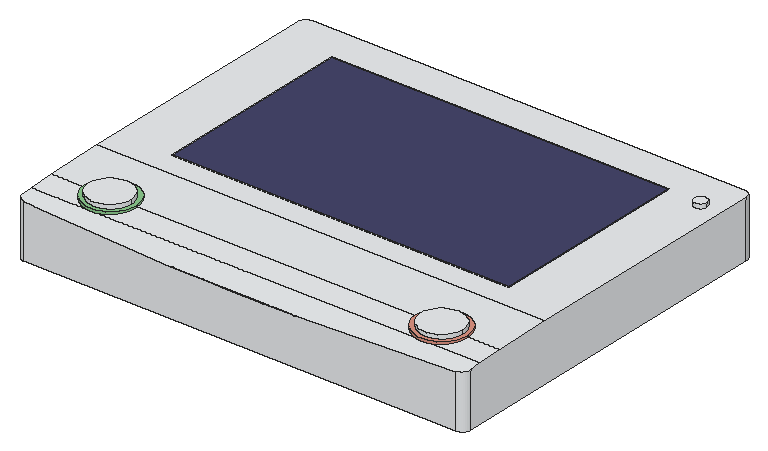
Revit family "AIPhone_GT-1C7", category Data Devices, host Face, Revit 2026
Family settings
  Host = Face
  Round Connector Dimension = Use Diameter
  Part Type = Normal
  Classification Number = 23.85.50.17
  Cut with Voids When Loaded = No
  Maintain Annotation Orientation = Yes
  Shared = No
  Room Calculation Point = No
Parameters
  Width = 7.88"
  Talk Button = Talk Button
  Specification = "https://www.arcat.com/sdspecs/htm04/28_13_53aic.htm"
  SpecWizard = ""
  Send Message = ""
  Screen = Screen
  Sales Information = ""
  Revision = "R1.0.0"
  Product Properties = ""
  Product Data = ""
  OmniClass Title = ""
  OmniClass Number = ""
  Model = "GT-1C7"
  MasterFormat04 Keynote = ""
  Manufacturer's Notes = ""
  Manufacturer Website = "www.aiphone.com"
  Manufacturer Phone - Toll Free = "800-692-0200"
  Manufacturer Phone = "425-455-0510"
  Manufacturer Fax = "425-455-0071"
  Manufacturer Email = "https://www.aiphone.com/home/sales/regional-sales"
  Manufacturer Address = "6670 185th Ave. NE, Redmond, WA 98052"
  Manufacturer = "AIPHONE"
  Installation-Fabrication = "https://www.arcat.com/cad/aiphone/282300_gt-1c7-1.pdf"
  Height = 6.50"
  Green Building-LEED = "https://www.arcat.com/green/clients/leed_data_30204.html?coid=30204"
  Drawn By = "Matt Wunch"
  Door Release Button = Door Release
  Description = "RESIDENTIAL / TENANT STATION"
  Depth = 1.00"
  Default Elevation = 48.00"
  Copyright = "Arcat, Inc. ©2019"
  Construction Details = ""
  Building Codes = ""
  Body = Plastic
Reference planes (in)
  plane 1 "Center (Front/Back)": y = 0
  plane 2: z = 0
  plane 3 "Center (Left/Right)": x = 0
  plane 4: x = -3.94
  plane 5: x = 3.94
  plane 6: y = -3.25
  plane 7: y = 3.25
  plane 8: z = 1
  plane 9: z = 1.0625
Forms (in)
  Extrusion 1, solid, material "Plastic" <- "Body"
    sketch origin (0, 0, 0) x (1, 0, 0) y (0, 1, 0)
      loop
        line (3.79, 3.25) -> (-3.79, 3.25)
        arc (-3.79, 3.25) -> (-3.89607, 3.20607) -> (-3.94, 3.1) r 0.15
        line (-3.94, 3.1) -> (-3.94, -2.94434)
        arc (-3.94, -2.94434) -> (-3.90025, -3.04606) -> (-3.80206, -3.09386) r 0.15
        arc (-3.80206, -3.09386) -> (0.00002, -3.24687) -> (3.80208, -3.09345) r 47.25
        arc (3.80208, -3.09345) -> (3.90025, -3.04565) -> (3.94, -2.94394) r 0.15
        line (3.94, -2.94394) -> (3.94, 3.1)
        arc (3.94, 3.1) -> (3.89607, 3.20607) -> (3.79, 3.25) r 0.15
    from 0 to 1 <- "Depth"
  Extrusion 2, void
    sketch origin (0, 0, 0) x (0, 1, 0) y (0, 0, 1)
      loop
        line (-1.31951, 1) -> (-1.31951, 1.25) -> (-3.7226, 1.25) -> (-3.7226, 0.48812) -> (-3.30624, 0.48812) -> (-3.28066, 0.87626)
        arc (-3.28066, 0.87626) -> (-3.26617, 0.90828) -> (-3.23419, 0.92285) r 0.05
        line (-3.23419, 0.92285) -> (-2.73829, 0.95685) -> (-2.29921, 0.97968) -> (-1.31951, 1)
    from -6 to 6
  Extrusion 3, solid, material "Plastic" <- "Body"
    sketch origin (0, 0, 0) x (1, 0, 0) y (0, 1, 0)
      loop
        circle (3.57275, 2.56094) r 0.10846
      loop
        circle (2.91125, -2.30188) r 0.36936
      loop
        circle (-2.91625, -2.30188) r 0.37053
    from 0.93109 to 1.0625
  Extrusion 4, void
    sketch origin (0, 0, 0) x (1, 0, 0) y (0, 1, 0)
      loop
        line (-2.9635, 2.62787) -> (-2.9635, -0.89225) -> (2.9585, -0.89225) -> (2.9585, 2.62787) -> (-2.9635, 2.62787)
    from 0.88 to 1
  Extrusion 5, solid, material "Screen" <- "Screen"
    sketch origin (0, 0, 0) x (1, 0, 0) y (0, 1, 0)
      loop
        line (-2.9635, 2.62787) -> (-2.9635, -0.89225) -> (2.9585, -0.89225) -> (2.9585, 2.62787) -> (-2.9635, 2.62787)
    from 0.88 to 1
  Extrusion 6, solid, material "Door Release" <- "Door Release Button"
    sketch origin (0, 0, 0) x (1, 0, 0) y (0, 1, 0)
      loop
        circle (-2.91208, -2.29838) r 0.45437
    from 0.88 to 1
  Extrusion 7, solid, material "Talk Button" <- "Talk Button"
    sketch origin (0, 0, 0) x (1, 0, 0) y (0, 1, 0)
      loop
        circle (2.91125, -2.30188) r 0.45559
    from 0.88 to 1
Cuts and joins
  Extrusion 2, Extrusion 4 cuts Extrusion 1
  Extrusion 4 cuts Extrusion 3
  joined: Extrusion 1, Extrusion 3
Dimensions and locks (in)
  equal spacing: plane 4, plane 3 "Center (Left/Right)", plane 5
  equal spacing: plane 7, plane 1 "Center (Front/Back)", plane 6
  "Height": plane 7 to plane 6
  "Width": plane 4 to plane 5
  "Depth": plane 8 to host face
  aligned and locked: plane 2 to host face
  aligned and locked: level to host face
Automatic sketch dimensions
  host sketch curve to host sketch curve = 5.922"
  host sketch curve to host sketch curve = 3.94738"
  Extrusion 1 sketch curve to plane 4 = 0.00"
  Extrusion 1 sketch curve to plane 7 = 0.00"
  Extrusion 1 sketch curve to plane 5 = 0.00"
  plane 4 to Extrusion 1 sketch curve = 0.15"
  Extrusion 1 sketch curve to Extrusion 1 sketch curve = 0.15"  (x2)
  Extrusion 1 sketch curve to plane 3 "Center (Left/Right)" = 0.0025"
  Extrusion 1 sketch curve to plane 5 = 0.15"
  plane 6 to Extrusion 1 sketch curve = 0.30566"
  Extrusion 1 sketch curve to Extrusion 1 sketch curve = 0.00"  (x2)
  Extrusion 1 sketch curve to plane 5 = 0.13792"
  Extrusion 2 sketch curve to plane 6 = 0.05624"
  Extrusion 2 sketch curve to plane 8 = 0.00"
  Extrusion 2 sketch curve to plane 6 = 0.4726"
  plane 6 to Extrusion 2 sketch curve = 0.01923"
  Extrusion 2 sketch curve to plane 8 = 0.04315"
  Extrusion 2 sketch curve to Extrusion 2 sketch curve = 0.49248"
  Extrusion 2 sketch curve to plane 8 = 0.02032"
  Extrusion 2 sketch curve to Extrusion 2 sketch curve = 0.43908"
  plane 8 to Extrusion 2 sketch curve = 0.25"
  Extrusion 2 sketch curve to Extrusion 2 sketch curve = 0.9797"
  Extrusion 2 sketch curve to plane 8 = 0.12703"
  Extrusion 2 sketch curve to Extrusion 2 sketch curve = 0.38484"
  Extrusion 2 sketch curve to plane 6 = 0.03066"
  Extrusion 2 sketch curve to plane 8 = 0.07715"
  Extrusion 2 sketch curve to Extrusion 2 sketch curve = 0.00342"
  plane 4 to Extrusion 3 sketch curve = 1.02375"
  Extrusion 3 sketch curve to plane 5 = 1.02875"
  Extrusion 3 sketch curve to plane 5 = 0.36725"
  plane 6 to Extrusion 3 sketch curve = 0.94813"  (x2)
  Extrusion 3 sketch curve to plane 7 = 0.68906"
  plane 4 to Extrusion 4 sketch curve = 0.9765"
  Extrusion 4 sketch curve to plane 5 = 0.9815"
  plane 1 "Center (Front/Back)" to Extrusion 4 sketch curve = 0.89225"
  Extrusion 4 sketch curve to plane 7 = 0.62213"
  plane 4 to Extrusion 5 sketch curve = 0.9765"
  Extrusion 5 sketch curve to plane 5 = 0.9815"
  plane 1 "Center (Front/Back)" to Extrusion 5 sketch curve = 0.89225"
  Extrusion 5 sketch curve to plane 7 = 0.62213"
  plane 4 to Extrusion 6 sketch curve = 1.02792"
  plane 6 to Extrusion 6 sketch curve = 0.95162"
  Extrusion 7 sketch curve to plane 5 = 1.02875"
  plane 6 to Extrusion 7 sketch curve = 0.94813"
  radius of Extrusion 3 sketch curve = 0.10846"
  radius of Extrusion 3 sketch curve = 0.36936"
  radius of Extrusion 3 sketch curve = 0.37053"
  radius of Extrusion 6 sketch curve = 0.45437"
  radius of Extrusion 7 sketch curve = 0.45559"
